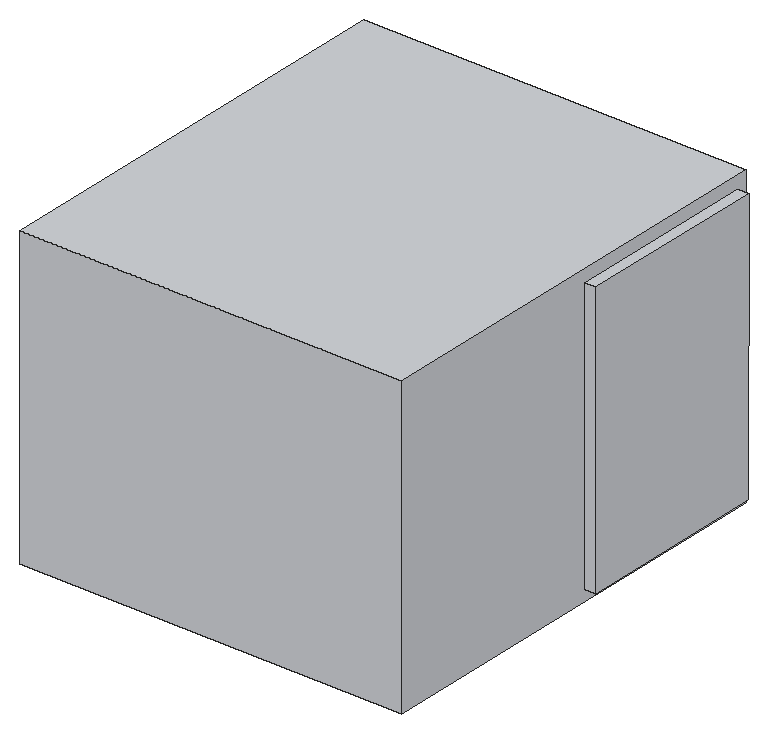
Revit family "ce2c35d9bff54f7f8bdb292182b75818", category Duct Accessories, Revit 2021
Family settings
  Round Connector Dimension = Use Diameter
  Part Type = Breaks Into
  OmniClass Number = 23.75.50.17.11
  OmniClass Title = Air Filters
  Seek Item ID = Filter - Bag-0000-USA-ENU
  Work Plane-Based = No
  Always vertical = Yes
  Cut with Voids When Loaded = No
  Shared = No
Parameters (values of type "32"x25"")
  Pressure Drop [instance] = 0.43 in-wg
  Filter Width = 3' - 0"
  Filter Length = Duct Width  # 2' - 8"
  Filter Height = Duct Height  # 2' - 1"
  Duct Width = 32"
  Duct Height = 25"
  Default Elevation = 0' - 0"
  Bag Filter Material = none
  Air Velocity [instance] = 500 FPM
  Air Flow [instance] = Air Velocity * Duct Width * Duct Height  # 2777.78 CFM
Types (17): name | Filter Width | Filter Length | Filter Height | Duct Width | Duct Height | Air Flow
  (no name) | 3' - 0" | 2' - 8" | 2' - 1" | 32" | 25" | 2777.78 CFM
  32"x25" | 3' - 0" | 2' - 8" | 2' - 1" | 32" | 25" | 2777.78 CFM
  44"x28" | 3' - 6" | 3' - 8" | 2' - 4" | 44" | 28" | 4277.78 CFM
  48"x32" | 3' - 8" | 4' - 0" | 2' - 8" | 48" | 32" | 5333.33 CFM
  60"x34" | 2' - 10" | 5' - 0" | 2' - 10" | 60" | 34" | 7083.33 CFM
  64"x38" | 3' - 2" | 5' - 4" | 3' - 2" | 64" | 38" | 8444.44 CFM
  68"x40" | 3' - 4" | 5' - 8" | 3' - 4" | 68" | 40" | 9444.44 CFM
  74"x44" | 3' - 8" | 6' - 2" | 3' - 8" | 74" | 44" | 11305.6 CFM
  76"x50" | 4' - 2" | 6' - 4" | 4' - 2" | 76" | 50" | 13194.4 CFM
  78"x56" | 4' - 8" | 6' - 6" | 4' - 8" | 78" | 56" | 15166.7 CFM
  92"x56" | 4' - 8" | 7' - 8" | 4' - 8" | 92" | 56" | 17888.9 CFM
  96"x62" | 4' - 0" | 8' - 0" | 5' - 2" | 96" | 62" | 20666.7 CFM
  110"x62" | 4' - 0" | 9' - 2" | 5' - 2" | 110" | 62" | 23680.6 CFM
  120"x74" | 4' - 0" | 10' - 0" | 6' - 2" | 120" | 74" | 30833.3 CFM
  138"x92" | 4' - 2" | 11' - 6" | 7' - 8" | 138" | 92" | 44083.3 CFM
  138"x110" | 4' - 6" | 11' - 6" | 9' - 2" | 138" | 110" | 52708.3 CFM
  152"x120" | 5' - 0" | 12' - 8" | 10' - 0" | 152" | 120" | 63333.3 CFM
Reference planes (in)
  plane 1 "Center (Front/Back)": y = 0
  plane 2: z = 0
  plane 3 "Center (Left/Right)": x = 0
  plane 4: x = -16
  plane 5: x = 16
  plane 6: y = 18
  plane 7: y = -18
  plane 8: z = 12.5
  plane 9: z = -12.5
  plane 10: x = -17
  plane 11: x = 17
  plane 12: y = 17
  plane 13: z = 11.5
  plane 14: z = -11.5
  plane 15: y = 1
Forms (in)
  Extrusion 1, solid, material <- "Bag Filter Material"
    sketch origin (0, 0, 0) x (1, 0, 0) y (0, 1, 0)
      loop
        line (-16, 18) -> (-16, -18) -> (16, -18) -> (16, 18) -> (-16, 18)
    from -12.5 to 12.5
  Extrusion 2, solid, material <- "Bag Filter Material"
    sketch origin (0, 0, 0) x (0, 1, 0) y (0, 0, 1)
      loop
        line (1, 11.5) -> (1, -11.5) -> (17, -11.5) -> (17, 11.5) -> (1, 11.5)
    from 16 to 17
  Extrusion 3, solid, material <- "Bag Filter Material"
    sketch origin (0, 0, 0) x (0, 1, 0) y (0, 0, 1)
      loop
        line (1, 11.5) -> (1, -11.5) -> (17, -11.5) -> (17, 11.5) -> (1, 11.5)
    from -17 to -16
Dimensions and locks (in)
  equal spacing: plane 4, plane 3 "Center (Left/Right)", plane 5
  "Filter Length": plane 4 to plane 5
  equal spacing: plane 6, plane 1 "Center (Front/Back)", plane 7
  "Filter Width": plane 6 to plane 7
  equal spacing: plane 8, plane 2, plane 9
  "Filter Height": plane 8 to plane 9
  locked: plane 10 to plane 4 at 1
  locked: plane 5 to plane 11 at 1
  locked: plane 12 to plane 6 at 1
  locked: plane 15 to plane 12 at 16
  locked: plane 13 to plane 8 at 1
  locked: plane 14 to plane 9 at 1
  aligned and locked: plane 4 to Extrusion 1 sketch curve
  aligned and locked: Extrusion 1 sketch curve to plane 6
  aligned and locked: plane 7 to Extrusion 1 sketch curve
  aligned and locked: Extrusion 1 sketch curve to plane 5
  aligned and locked: Extrusion 1 to plane 9
  aligned and locked: plane 8 to Extrusion 1
  aligned and locked: plane 15 to Extrusion 2 sketch curve
  aligned and locked: plane 13 to Extrusion 2 sketch curve
  aligned and locked: plane 14 to Extrusion 2 sketch curve
  aligned and locked: plane 12 to Extrusion 2 sketch curve
  aligned and locked: plane 11 to Extrusion 2
  aligned and locked: Extrusion 2 to plane 5
  aligned and locked: Extrusion 3 sketch curve to Extrusion 2  (x3)
  aligned and locked: Extrusion 2 to Extrusion 3 sketch curve
  aligned and locked: Extrusion 3 to plane 10
  aligned and locked: plane 4 to Extrusion 3
Connectors (in)
  hvac at (0, -18, 0), driven by "Duct Height", driven by "Duct Width", driven by "Air Flow", driven by "Pressure Drop"
    settings: on Extrusion 1, index 1, duct flow 2777.78 CFM, flow factor 0, pres drop 0.43 in-wg, loss coef 0, conn angle 0.00°, conn width 32", conn height 25", conn diameter 24", duct sys type 29, conn prof type 1, flow config 0, flow direction 0, loss method 4, conn ref index 2, conn util no, is conn primary yes, conn desc ""
  hvac at (0, 18, 0), driven by "Duct Height", driven by "Duct Width", driven by "Air Flow"
    settings: on Extrusion 1, index 2, duct flow 2777.78 CFM, flow factor 0, pres drop 0.00 in-wg, loss coef 0, conn angle 0.00°, conn width 32", conn height 25", conn diameter 24", duct sys type 29, conn prof type 1, flow config 0, flow direction 0, loss method 0, conn ref index 1, conn util no, is conn primary no, conn desc ""
